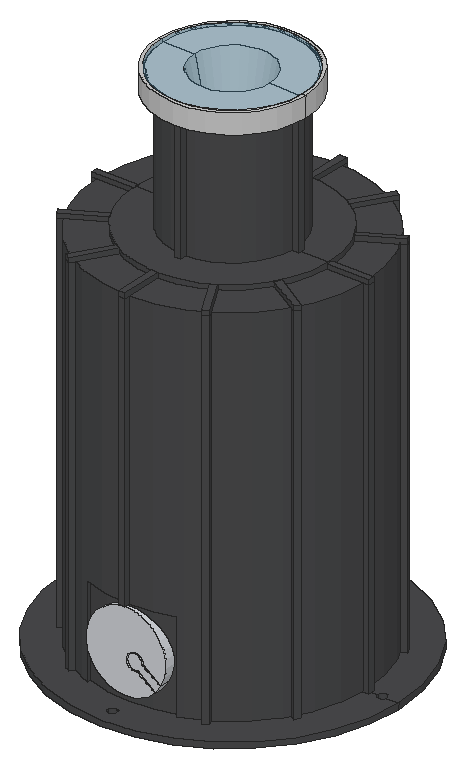
Revit family "FLOOR INGROUND 5W_LKB0125WW.24", category Luminarias, Revit 2019
Family settings
  Cota de conector redondo = Diámetro de uso
  Tipo de pieza = Normal
  Se basa en plano de trabajo = Sí
  Siempre vertical = No
  Corte con vacíos al cargar = No
  Origen de luz = Sí
  Compartido = No
  Punto de cálculo de habitación = No
Parameters (values of type "EMP_LKB0125WW.24")
  Ángulo de inclinación = 105.00°
  Ángulo de enfoque = 24.00°
  Ángulo de campo de foco = 24.00°
  Zone [instance] = ""
  Watt per fixture = 6.5
  Wattage = 3.29873 W
  built-in parameter 1150107 = 3000 (stored number, unit not read)
  built-in parameter 1150110 = 1 (stored number, unit not read)
  built-in parameter 1150109 = 1 (stored number, unit not read)
  built-in parameter 1150112 = 1 (stored number, unit not read)
  built-in parameter 1150113 = 1 (stored number, unit not read)
  built-in parameter 1114218 = 1 (stored number, unit not read)
  Keynote = ""
  built-in parameter 1150137 = (empty or 0)
  built-in parameter 1150132 = 2
  Modelo = "LKB0125WW.24"
  Lámpara = "SHARP"
  Longitud de símbolo de origen de luz = 500 mm
  built-in parameter 1150105 = 1638.3 (stored number, unit not read)
  built-in parameter 1150102 = (empty or 0)
  built-in parameter 1150106 = 16.383 (stored number, unit not read)
  Lumens = 490 lm
  Color Filter = 16777215
  built-in parameter 1114217 = 1 (stored number, unit not read)
  built-in parameter 1150139 = (empty or 0)
  Fabricante = "BRILLANT"
  Default Elevation = 0 mm
  built-in parameter 1150104 = 13.8 (stored number, unit not read)
  Descripción = "LUMINARIA TIPO CIRCULAR PARA EMPOTRAR EN PISO CON CUERPO DE ALUMINIO FUNDIDO A PRESION CUBIERTO CON POLVO GRIS OSCURO, CON CUBIERTA DE ACERO INOXIDABLE Y VIDRIO TEMPLADO DE 4MM, HOUSING TIPO ABS DE 68.8MM DE DIAMETRO Y 149.7MM DE PROFUNDO. CUENTA CON 1 LED COB TIPO SHARP CON UNA POTENCIA TOTAL DE 6.5W, A UNA TEMPERATURA EN BLANCO CALIDO 3000K CON 490 LUMENES, 52mA EN CORRIENTE DE OPERACIÓN, IP67, IK06, IRC 80, DISPONIBLE PARA ATENUAR EN TRIAC (OPCIONAL), APERTURA EN 24 GRADOS EN STOCK, ALIMENTADA A 90-240V"
  built-in parameter 1150115 = 1 (stored number, unit not read)
  built-in parameter 1150114 = 1 (stored number, unit not read)
  Comentarios de vataje = "90-240V"
  built-in parameter 1150138 = (empty or 0)
  built-in parameter 1150134 = (empty or 0)
  Circuit [instance] = ""
  Dimming Lamp Color Temperature Shift = (empty or 0)
  built-in parameter 1150133 = 10 (stored number, unit not read)
Reference planes
  plane 1 "Centro (Frontal/Posterior)": y = 0
  plane 2: z = 0
  plane 3 "Centro (Izquierda/Derecha)": x = 0
  plane 4: z = -220
  plane 5: z = -128
  plane 6 "PEND": y = 20
  plane 7 "Centro I/E": y = -15
  plane 8: x = -77.5
  plane 9: x = 77.5
Forms (mm)
  Revolve 1, solid, material "Acero Inoxidable"
    sketch origin (0, 0, 0) x (1, 0, 0) y (0, 0, 1)
      loop
        line (-5.847, -45.88) -> (-16.334, 3.457) -> (-29.677, 3.457) -> (-29.677, 2.669) -> (-30.604, 2.669) -> (-30.604, 4.239) -> (-31.899, 4.239) -> (-31.899, -4.48) -> (-31.093, -4.48) -> (-31.093, -0.88) -> (-23.036, -0.88) -> (-23.036, -137.34) -> (-15.607, -137.34) -> (-15.607, -172.34) -> (0, -172.34) -> (0, -45.88) -> (-5.847, -45.88)
      axis (0, 4.239) -> (0, -172.34)
    angle from 0 to 360
  Extrusion 2, solid, material "Cristal"
    sketch origin (0, 0, 0) x (1, 0, 0) y (0, 1, 0)
      loop
        circle (0, 0) r 30.604
    from 3.457 to 4.239
  Extrusion 3, solid, material "Plastico"
    sketch origin (0, 0, 0) x (1, 0, 0) y (0, 1, 0)
      loop
        circle (0, 0) r 10
    from -178.507 to -176.391
  Extrusion 4, solid, material "Cobre"
    sketch origin (0, 0, 0) x (1, 0, 0) y (0, 1, 0)
      loop
        line (12.101, 0) -> (6.051, 10.48) -> (-6.051, 10.48) -> (-12.101, 0) -> (-6.051, -10.48) -> (6.051, -10.48) -> (12.101, 0)
    from -176.391 to -172.578
  Revolve 5, solid, material "Plastico"
    sketch origin (0, 0, 0) x (1, 0, 0) y (0, 0, 1)
      loop
        line (-31.081, -0.88) -> (-31.081, -4.48) -> (-26.899, -4.48) -> (-26.899, -56.964) -> (-41.899, -56.964) -> (-41.899, -59.017) -> (-57.65, -59.017) -> (-57.65, -217.5) -> (-72.11, -217.5) -> (-72.11, -220) -> (-30.747, -220) -> (0, -220) -> (0, -217.5) -> (-54.097, -217.5) -> (-54.097, -62.57) -> (-23.276, -62.57) -> (-23.276, -0.88) -> (-31.081, -0.88)
      axis (0, -0.88) -> (0, -220)
    angle from 0 to 360
  Extrusion 6, solid, material "Plastico"
    sketch origin (0, 0, 0) x (1, 0, 0) y (0, 1, 0)
      loop
        line (-57.635, 1.342) -> (-60.008, 1.342) -> (-60.008, -1.342) -> (-57.635, -1.342)
        arc (-57.635, -1.342) -> (-57.65, 0) -> (-57.635, 1.342) r 59.642
      loop
        arc (-49.228, -29.97) -> (-49.912, -28.815) -> (-50.57, -27.645) r 59.642
        line (-50.57, -27.645) -> (-52.648, -28.844) -> (-51.305, -31.17) -> (-49.228, -29.97)
      loop
        arc (-27.655, -50.585) -> (-28.825, -49.926) -> (-29.98, -49.242) r 59.642
        line (-29.98, -49.242) -> (-31.152, -51.272) -> (-28.827, -52.614) -> (-27.655, -50.585)
      loop
        arc (1.342, -57.635) -> (0, -57.65) -> (-1.342, -57.635) r 59.642
        line (-1.342, -57.635) -> (-1.342, -59.979) -> (1.342, -59.979) -> (1.342, -57.635)
      loop
        arc (57.635, 1.342) -> (57.65, 0) -> (57.635, -1.342) r 59.642
        line (57.635, -1.342) -> (60.008, -1.342) -> (60.008, 1.342) -> (57.635, 1.342)
      loop
        line (49.228, -29.97) -> (51.305, -31.17) -> (52.648, -28.844) -> (50.57, -27.645)
        arc (50.57, -27.645) -> (49.912, -28.815) -> (49.228, -29.97) r 59.642
      loop
        line (27.655, -50.585) -> (28.827, -52.614) -> (31.152, -51.272) -> (29.98, -49.242)
        arc (29.98, -49.242) -> (28.825, -49.926) -> (27.655, -50.585) r 59.642
      loop
        line (-49.228, 29.97) -> (-51.305, 31.17) -> (-52.648, 28.844) -> (-50.57, 27.645)
        arc (-50.57, 27.645) -> (-49.912, 28.815) -> (-49.228, 29.97) r 59.642
      loop
        line (-27.655, 50.585) -> (-28.827, 52.614) -> (-31.152, 51.272) -> (-29.98, 49.242)
        arc (-29.98, 49.242) -> (-28.825, 49.926) -> (-27.655, 50.585) r 59.642
      loop
        line (1.342, 57.635) -> (1.342, 59.979) -> (-1.342, 59.979) -> (-1.342, 57.635)
        arc (-1.342, 57.635) -> (0, 57.65) -> (1.342, 57.635) r 59.642
      loop
        arc (49.228, 29.97) -> (49.912, 28.815) -> (50.57, 27.645) r 59.642
        line (50.57, 27.645) -> (52.648, 28.844) -> (51.305, 31.17) -> (49.228, 29.97)
      loop
        arc (27.655, 50.585) -> (28.825, 49.926) -> (29.98, 49.242) r 59.642
        line (29.98, 49.242) -> (31.152, 51.272) -> (28.827, 52.614) -> (27.655, 50.585)
    from -217.5 to -59.017
  Extrusion 7, void
    sketch origin (3.125, 0, 0) x (1, 0, 0) y (0, 1, 0)
      loop
        circle (-3.125, -65.006) r 1.981
      loop
        circle (61.851, -0.03) r 1.981
      loop
        circle (-68.101, -0.03) r 1.981
      loop
        circle (-3.095, 64.976) r 1.981
    from -220 to -216.767
  Extrusion 8, void
    sketch origin (0, 0, 0) x (1, 0, 0) y (0, 1, 0)
      loop
        line (-1.342, -57.635) -> (-1.342, -59.979) -> (1.342, -59.979) -> (1.342, -57.635) -> (-1.342, -57.635)
    from -217.5 to -178.507
  Extrusion 9, void
    sketch origin (0, 0, 0) x (1, 0, 0) y (0, 1, 0)
      loop
        line (19.48, -54.534) -> (19.48, -52.675)
        arc (19.48, -52.675) -> (0, -56.103) -> (-19.48, -52.675) r 57.056
        line (-19.48, -52.675) -> (-19.48, -54.534)
        arc (-19.48, -54.534) -> (0, -57.963) -> (19.48, -54.534) r 57.056
    from -217.5 to -178.507
  Extrusion 10, solid
    sketch origin (0, 0, 0) x (1, 0, 0) y (0, 0, 1)
      loop
        arc (15.228, -205.467) -> (-13.875, -187.312) -> (12.384, -209.381) r 17.194
        line (12.384, -209.381) -> (4.761, -203.843)
        arc (4.761, -203.843) -> (0.929, -198.068) -> (7.605, -199.928) r 3.698
        line (7.605, -199.928) -> (15.228, -205.467)
      loop
        line (4.897, -203.076) -> (12.864, -208.865) -> (14.886, -206.083) -> (6.918, -200.294)
        arc (6.918, -200.294) -> (1.496, -198.48) -> (4.897, -203.076) r 2.998
    from 53.411 to 57.635
  Extrusion 11, solid, material "Plastico"
    sketch origin (0, 0, 0) x (1, 0, 0) y (0, 1, 0)
      loop
        line (-1.342, -59.979) -> (1.342, -59.979) -> (1.342, -41.877) -> (-1.342, -41.877) -> (-1.342, -59.979)
      loop
        line (-60.008, 1.342) -> (-60.008, -1.342) -> (-41.876, -1.342) -> (-41.876, 1.342) -> (-60.008, 1.342)
      loop
        line (-31.152, -51.272) -> (-28.827, -52.614) -> (-19.776, -36.938) -> (-22.101, -35.595) -> (-31.152, -51.272)
      loop
        line (-52.648, -28.844) -> (-51.305, -31.17) -> (-35.629, -22.119) -> (-36.971, -19.794) -> (-52.648, -28.844)
      loop
        line (60.008, 1.342) -> (41.876, 1.342) -> (41.876, -1.342) -> (60.008, -1.342) -> (60.008, 1.342)
      loop
        line (31.152, -51.272) -> (22.101, -35.595) -> (19.776, -36.938) -> (28.827, -52.614) -> (31.152, -51.272)
      loop
        line (52.648, -28.844) -> (36.971, -19.794) -> (35.629, -22.119) -> (51.305, -31.17) -> (52.648, -28.844)
      loop
        line (-1.342, 59.979) -> (-1.342, 41.877) -> (1.342, 41.877) -> (1.342, 59.979) -> (-1.342, 59.979)
      loop
        line (-31.152, 51.272) -> (-22.101, 35.595) -> (-19.776, 36.938) -> (-28.827, 52.614) -> (-31.152, 51.272)
      loop
        line (-52.648, 28.844) -> (-36.971, 19.794) -> (-35.629, 22.119) -> (-51.305, 31.17) -> (-52.648, 28.844)
      loop
        line (31.152, 51.272) -> (28.827, 52.614) -> (19.776, 36.938) -> (22.101, 35.595) -> (31.152, 51.272)
      loop
        line (52.648, 28.844) -> (51.305, 31.17) -> (35.629, 22.119) -> (36.971, 19.794) -> (52.648, 28.844)
    from -59.017 to -56.964
  Extrusion 12, solid, material "Plastico"
    sketch origin (0, 0, 0) x (1, 0, 0) y (0, 1, 0)
      loop
        line (-1.342, -26.899) -> (-1.342, -29.761) -> (1.342, -29.761) -> (1.342, -26.899) -> (-1.342, -26.899)
      loop
        line (-26.899, 1.342) -> (-29.761, 1.342) -> (-29.761, -1.342) -> (-26.899, -1.342) -> (-26.899, 1.342)
      loop
        line (26.899, 1.342) -> (26.899, -1.342) -> (29.761, -1.342) -> (29.761, 1.342) -> (26.899, 1.342)
      loop
        line (-1.342, 26.899) -> (1.342, 26.899) -> (1.342, 29.761) -> (-1.342, 29.761) -> (-1.342, 26.899)
    from -56.964 to -4.48
Cuts and joins
  Extrusion 7, Extrusion 9 cuts Revolve 5
  Extrusion 7, Extrusion 8, Extrusion 9 cuts Revolve 1
  Extrusion 8 cuts Extrusion 6
Dimensions and locks
  plane 2 to plane 4 = 220 mm
  level to plane 4 = 220 mm
  level to Extrusion 3 = 178.507 mm
  plane 3 "Centro (Izquierda/Derecha)" to Revolve 5 sketch curve = 31.081 mm
  plane 3 "Centro (Izquierda/Derecha)" to Revolve 5 sketch curve = 72.11 mm
  Revolve 1 sketch curve to Revolve 1 sketch curve = 31.899 mm
  aligned and locked: level to plane 2
Connectors
  electrical at (0, 0, -220)
    settings: on cut or joined group of Revolve 5, Extrusion 7, Extrusion 9, index 1, voltage 240 V, apparent load 0 VA, apparent load phase1 0 VA, apparent load phase2 0 VA, apparent load phase3 0 VA, power factor 1, load classification "Otro", number of poles 1, system type 31, power factor state 1, is connector primary yes, connector utility no, sub classification motor no, connector description ""
